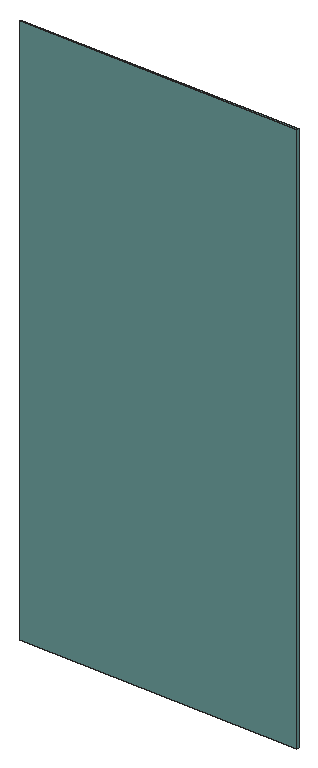
Revit family "Clarus_Wall2Wall_R19", category Furniture, host Face, Revit 2019
Family settings
  Host = Face
  Cut with Voids When Loaded = No
  Shared = No
  Room Calculation Point = No
Parameters (values of type "Create Your Own Sizes")
  Width Control = if(Width > 72", 72", Width)  # 36"
  Width = 36"
  URL = "https://www.clarus.com/"
  TRC Standards [instance] = "http://therevitcollection.com/news/trc-news-the-revit-collection-standards-explained/"
  Show Right Spacer [instance] = no
  Show Left Spacer [instance] = no
  Product URL = "https://www.clarus.com/wall2wall/"
  More Revit Families! [instance] = "www.therevitcollection.com"
  Modeled By = "Commense Studio"  # constant formula
  Model = "Wall 2 Wall"  # constant formula
  Manufacturer = "Clarus"  # constant formula
  Height to Bottom [instance] = 18"
  Height Control = if(Height > 144", 144", Height)  # 72"
  Clarus Glass [instance] = CBC-225 Awesome Aqua
  Description = "Wrap an office from floor to ceiling in beautiful Clarus Wall2Wall Glass to\r\ncreate the perfect space, or selectively integrate custom Clarus Glass into\r\nyour environment. Let your walls become your creativity canvas."  # constant formula
  Height = 72"
  Designer = ""
  Depth = 1/4"  # constant formula
  Default Elevation = 0"
  Channel Spacers [instance] = Clarus Gray
  Assembly Code = ""
Reference planes (in)
  plane 1 "Center (Front/Back)": y = 0
  plane 2: z = 0
  plane 3 "Center (Left/Right)": x = 0
  plane 4 "L": x = -18
  plane 5 "R": x = 18
  plane 6 "F": y = -0.3125
  plane 7: z = 90
  plane 8: z = 18
  plane 9: y = -0.0625
  plane 10: x = -18.0625
  plane 11: x = 18.0625
  plane 12: z = 17.9375
  plane 13: x = -18.4375
  plane 14: x = -17.625
  plane 15: x = 18.4375
  plane 16: x = 17.625
  plane 17: y = -0.1875
Forms (in)
  Extrusion 1, solid, material "CBC-225 Awesome Aqua" <- "Clarus Glass"
    sketch origin (0, 0, 0) x (1, 0, 0) y (0, 1, 0)
      loop
        line (-18, -0.3125) -> (18, -0.3125) -> (18, -0.0625) -> (-18, -0.0625) -> (-18, -0.3125)
    from 18 to 90
  Extrusion 2, solid, material "Clarus Gray" <- "Channel Spacers"
    sketch origin (0, 0, 0) x (0, 1, 0) y (0, 0, 1)
      loop
        line (0, 17.9375) -> (0, 18.6875) -> (-0.0625, 18.6875) -> (-0.0625, 18) -> (-0.1875, 18) -> (-0.1875, 17.9375) -> (0, 17.9375)
    from -17.625 to 17.625
  Extrusion 3, solid, material "Clarus Gray" <- "Channel Spacers", visible <- "Show Left Spacer"
    sketch origin (0, 0, 0) x (1, 0, 0) y (0, 1, 0)
      loop
        line (-18.4375, 0) -> (-18.4375, -0.0625) -> (-18.0625, -0.0625) -> (-18.0625, -0.1875) -> (-18, -0.1875) -> (-18, -0.0625) -> (-17.625, -0.0625) -> (-17.625, 0) -> (-18.4375, 0)
    from 17.9375 to 90
  Extrusion 4, solid, material "Clarus Gray" <- "Channel Spacers", visible <- "Show Right Spacer"
    sketch origin (0, 0, 0) x (-1, 0, 0) y (0, -1, 0)
      loop
        line (-18.4375, 0) -> (-17.625, 0) -> (-17.625, 0.0625) -> (-18, 0.0625) -> (-18, 0.1875) -> (-18.0625, 0.1875) -> (-18.0625, 0.0625) -> (-18.4375, 0.0625) -> (-18.4375, 0)
    from 17.9375 to 90
Dimensions and locks (in)
  equal spacing: plane 4 "L", plane 3 "Center (Left/Right)", plane 5 "R"
  "Width": plane 4 "L" to plane 5 "R"
  "Depth": plane 6 "F" to plane 9
  "Height": plane 7 to plane 8
  "Height to Bottom": plane 8 to level
  locked: plane 9 to plane 1 "Center (Front/Back)" at 0.0625
  locked: plane 10 to plane 4 "L" at 0.0625
  locked: plane 11 to plane 5 "R" at 0.0625
  locked: plane 8 to plane 12 at 0.0625
  locked: plane 13 to plane 10 at 0.375
  locked: plane 14 to plane 4 "L" at 0.375
  locked: plane 15 to plane 11 at 0.375
  locked: plane 16 to plane 5 "R" at 0.375
  locked: plane 6 "F" to plane 17 at 0.125
  aligned and locked: plane 2 to host face
  aligned and locked: level to host face
  aligned and locked: plane 7 to Extrusion 1
  aligned and locked: Extrusion 1 to plane 8
  aligned and locked: Extrusion 1 to plane 9
  aligned and locked: Extrusion 2 to plane 16
  aligned and locked: Extrusion 2 to plane 14
  aligned and locked: plane 7 to Extrusion 3
  aligned and locked: Extrusion 3 to plane 12
  aligned and locked: Extrusion 4 to plane 12
  aligned and locked: plane 7 to Extrusion 4
Automatic sketch dimensions
  host sketch curve to host sketch curve = 96"  (x2)
  Extrusion 1 sketch curve to plane 4 "L" = 0"
  Extrusion 1 sketch curve to plane 5 "R" = 0"
  plane 6 "F" to Extrusion 1 sketch curve = 0"
  plane 9 to Extrusion 1 sketch curve = 0"
  Extrusion 2 sketch curve to plane 12 = 0"
  Extrusion 2 sketch curve to plane 17 = 0"
  Extrusion 2 sketch curve to plane 8 = 0"
  Extrusion 2 sketch curve to plane 9 = 0"
  Extrusion 2 sketch curve to plane 1 "Center (Front/Back)" = 0"
  plane 8 to Extrusion 2 sketch curve = 11/16"
  plane 1 "Center (Front/Back)" to Extrusion 3 sketch curve = 0"
  Extrusion 3 sketch curve to plane 13 = 0"
  Extrusion 3 sketch curve to plane 10 = 0"
  Extrusion 3 sketch curve to plane 4 "L" = 0"
  Extrusion 3 sketch curve to plane 14 = 0"
  plane 17 to Extrusion 3 sketch curve = 0"
  plane 9 to Extrusion 3 sketch curve = 0"  (x2)
  plane 1 "Center (Front/Back)" to Extrusion 4 sketch curve = 0"
  Extrusion 4 sketch curve to plane 15 = 0"
  Extrusion 4 sketch curve to plane 11 = 0"
  Extrusion 4 sketch curve to plane 5 "R" = 0"
  Extrusion 4 sketch curve to plane 16 = 0"
  plane 17 to Extrusion 4 sketch curve = 0"
  plane 9 to Extrusion 4 sketch curve = 0"  (x2)
